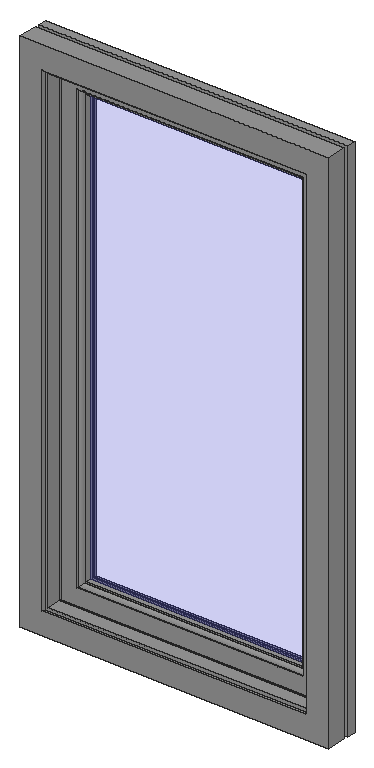
Revit family "MC1 RH", category Windows, host Wall, Revit 2015
Parameters (values of type "MC1 RH")
  Height = 929 mm
  Default Lintel Height = 2100 mm
  Wall Closure = By host
  Width = 542 mm
Reference planes
  plane 1 "Center (Front/Back)": y = 0
  plane 2 "Center (Left/Right)": x = 0
  plane 3 "Left": x = -271
  plane 4 "Right": x = 271
  plane 5 "Sill": z = 1171
  plane 6 "Head": z = 2100
  plane 7 "Exterior": y = 100
  plane 8 "Interior": y = -100
  plane 9: y = -28.5
  plane 10: y = 23.5
Forms (mm)
  Sweep 1, solid, material "Lauan, Meranti"
    path origin (0, 100, 0) x (1, 0, 0) y (0, 0, 1)
      loop
        line (271, 2100) -> (-271, 2100) -> (-271, 1171) -> (271, 1171) -> (271, 2100)
    profile origin (0, 100, 2100) x (0, 0, -1) y (0, -1, 0)
      loop
        line (0, 71.5) -> (29, 71.5) -> (29, 96.5) -> (37.5, 96.5) -> (37.5, 102.5) -> (40.5, 102.5) -> (40.5, 96.5) -> (44, 96.5) -> (44, 122.5) -> (39, 122.5) -> (39, 128.5) -> (0, 128.5) -> (0, 94.5) -> (10, 94.5) -> (10, 86.5) -> (0, 86.5) -> (0, 71.5)
  Sweep 2, solid, material "Rubber"
    path origin (0, 100, 0) x (1, 0, 0) y (0, 0, 1)
      loop
        line (233.5, 2062.5) -> (-233.5, 2062.5) -> (-233.5, 1208.5) -> (233.5, 1208.5) -> (233.5, 2062.5)
    profile origin (0, 100, 2062.5) x (0, 0, -1) y (0, -1, 0)
      loop
        line (1.5, 91.5) -> (6.5, 93.5) -> (6.5, 96.5) -> (2.5, 96.5) -> (2.5, 98.93) -> (3.5, 98.93) -> (2.5, 99.198) -> (2.5, 100.964) -> (3.5, 100.964) -> (1.5, 101.5) -> (-0.5, 100.964) -> (0.5, 100.964) -> (0.5, 99.198) -> (-0.5, 98.93) -> (0.5, 98.93) -> (0.5, 96.5) -> (-3.5, 96.5) -> (-3.5, 93.5) -> (1.5, 91.5)
  Sweep 3, solid, material "Lauan, Meranti"
    path origin (0, 100, 0) x (1, 0, 0) y (0, 0, 1)
      loop
        line (242, 2071) -> (-242, 2071) -> (-242, 1200) -> (242, 1200) -> (242, 2071)
    profile origin (0, 100, 2071) x (0, 0, -1) y (0, -1, 0)
      loop
        arc (-5, 57.5) -> (-3.242, 53.257) -> (1, 51.5) r 6
        line (1, 51.5) -> (43, 51.5) -> (43, 76.5) -> (52, 76.5) -> (52, 84.5) -> (49, 84.5)
        arc (49, 84.5) -> (47.243, 88.743) -> (43, 90.5) r 6
        line (43, 90.5) -> (43, 93.5) -> (10, 93.5) -> (10, 89.5) -> (12, 89.5) -> (12, 84.5) -> (14, 83.964) -> (14, 79.036) -> (12, 78.5) -> (12, 71.5) -> (-5, 71.5) -> (-5, 57.5)
  Sweep 4, solid, material "Lauan, Meranti"
    path origin (0, 100, 0) x (1, 0, 0) y (0, 0, 1)
      loop
        line (198.986, 2027.989) -> (-198.986, 2027.989) -> (-198.986, 1243.011) -> (198.986, 1243.011) -> (198.986, 2027.989)
    profile origin (0, 100, 2027.989) x (0, 0, -1) y (0, -1, 0)
      loop
        arc (0, 62.1) -> (4.67, 63.734) -> (7, 68.1) r 6.807
        line (7, 68.1) -> (9, 68.1) -> (9, 70.1) -> (0, 70.1) -> (0, 62.1)
  Extrusion 5, solid, material "Glass"
    sketch origin (-10500, 23.5, 2100) x (0, 0, -1) y (-1, 0, 0)
      loop
        line (72.022, -10698.976) -> (856.978, -10698.976) -> (856.978, -10301.024) -> (72.022, -10301.024) -> (72.022, -10698.976)
    from 0 to 6.4
Lines and regions (mm)
  Opening 1
    outline origin (3500, -100, 0) x (1, 0, 0) y (0, 0, 1)
      loop
        line (-3229, 1171) -> (-3229, 2100) -> (-3771, 2100) -> (-3771, 1171) -> (-3229, 1171)
  model lines
    curve 1: line (-247, 48.5, 2076) -> (247, 48.5, 1635.5)
    curve 2: line (247, 48.5, 1635.5) -> (-247, 48.5, 1195)
Text (mm)
  text "EXTERIOR" at (-1963.203, 1332.353, 0), in view "Ref. Level"
  text "INTERIOR" at (-1981.466, -818.386, 0), in view "Ref. Level"
  text "Exterior" at (0, 923.751, 2943.296), in view "Right"
  text "Exterior" at (0, 1040.484, 2685.409), in view "Left"
Dimensions and locks
  equal spacing: plane 3 "Left", plane 2 "Center (Left/Right)", plane 4 "Right"
  "Width": plane 3 "Left" to plane 4 "Right"
  "Height": plane 5 "Sill" to plane 6 "Head"
  "Default Lintel Height": plane 6 "Head" to level
  locked: plane 7 "Exterior" to host wall at 0
  locked: plane 8 "Interior" to host wall
  locked: plane 10 to plane 9 at 52
  aligned and locked: Sweep 1 sketch curve to host wall  (x4)
  aligned and locked: Sweep 2 sketch curve to Sweep 1  (x4)
  aligned and locked: Sweep 3 sketch curve to Sweep 1  (x4)
  aligned and locked: Sweep 4 sketch curve to Sweep 3  (x2)
  aligned and locked: Extrusion 5 sketch curve to Sweep 4  (x4)
Automatic sketch dimensions
  plane 3 "Left" to Opening 1 sketch curve = 0 mm
  plane 4 "Right" to Opening 1 sketch curve = 0 mm
  Opening 1 sketch curve to plane 5 "Sill" = 0 mm
  Opening 1 sketch curve to plane 6 "Head" = 0 mm
  Sweep 1 sketch curve to profile plane = 0 mm  (x2)
  Sweep 1 sketch curve to profile plane = 10 mm
  Sweep 1 sketch curve to Sweep 1 sketch curve = 19 mm
  Sweep 1 sketch curve to Sweep 1 sketch curve = 8.5 mm
  Sweep 1 sketch curve to Sweep 1 sketch curve = 1.5 mm
  Sweep 1 sketch curve to Sweep 1 sketch curve = 3 mm
  Sweep 1 sketch curve to Sweep 1 sketch curve = 3.5 mm
  plane 7 "Exterior" to Sweep 1 sketch curve = 71.5 mm
  Sweep 1 sketch curve to Sweep 1 sketch curve = 15 mm
  Sweep 1 sketch curve to Sweep 1 sketch curve = 8 mm
  Sweep 1 sketch curve to Sweep 1 sketch curve = 25 mm
  Sweep 1 sketch curve to Sweep 1 sketch curve = 0 mm
  Sweep 1 sketch curve to Sweep 1 sketch curve = 6 mm
  Sweep 1 sketch curve to Sweep 1 sketch curve = 20 mm
  Sweep 1 sketch curve to Sweep 1 sketch curve = 34 mm
  profile plane to Sweep 2 sketch curve = 3.5 mm
  profile plane to Sweep 2 sketch curve = 0.5 mm  (x2)
  Sweep 2 sketch curve to profile plane = 0.5 mm
  Sweep 2 sketch curve to Sweep 2 sketch curve = 0 mm  (x2)
  Sweep 2 sketch curve to profile plane = 1.5 mm
  Sweep 2 sketch curve to Sweep 2 sketch curve = 1 mm  (x4)
  Sweep 2 sketch curve to Sweep 2 sketch curve = 2 mm  (x3)
  Sweep 2 sketch curve to Sweep 2 sketch curve = 4 mm
  plane 7 "Exterior" to Sweep 2 sketch curve = 91.5 mm
  Sweep 2 sketch curve to Sweep 2 sketch curve = 3 mm  (x2)
  Sweep 2 sketch curve to Sweep 2 sketch curve = 2.43 mm
  Sweep 2 sketch curve to Sweep 2 sketch curve = 0.268 mm  (x2)
  Sweep 2 sketch curve to Sweep 2 sketch curve = 1.766 mm  (x2)
  Sweep 2 sketch curve to Sweep 2 sketch curve = 0.536 mm
  profile plane to Sweep 3 sketch curve = 5 mm
  Sweep 3 sketch curve to profile plane = 1 mm
  Sweep 3 sketch curve to profile plane = 10 mm
  Sweep 3 sketch curve to Sweep 3 sketch curve = 2 mm  (x2)
  Sweep 3 sketch curve to profile plane = 12 mm
  Sweep 3 sketch curve to Sweep 3 sketch curve = 31 mm
  Sweep 3 sketch curve to Sweep 3 sketch curve = 0 mm
  Sweep 3 sketch curve to Sweep 3 sketch curve = 6 mm
  Sweep 3 sketch curve to Sweep 3 sketch curve = 3 mm  (x2)
  plane 7 "Exterior" to Sweep 3 sketch curve = 51.5 mm
  Sweep 3 sketch curve to Sweep 3 sketch curve = 14 mm
  Sweep 3 sketch curve to Sweep 3 sketch curve = 25 mm
  Sweep 3 sketch curve to Sweep 3 sketch curve = 7 mm
  Sweep 3 sketch curve to Sweep 3 sketch curve = 0.536 mm  (x2)
  Sweep 3 sketch curve to Sweep 3 sketch curve = 4.928 mm
  Sweep 3 sketch curve to Sweep 3 sketch curve = 8 mm
  Sweep 3 sketch curve to Sweep 3 sketch curve = 5 mm
  Sweep 4 sketch curve to profile plane = 0 mm
  Sweep 4 sketch curve to profile plane = 0.241 mm
  Sweep 4 sketch curve to Sweep 4 sketch curve = 6.759 mm
  Sweep 4 sketch curve to Sweep 4 sketch curve = 2 mm  (x2)
  plane 7 "Exterior" to Sweep 4 sketch curve = 62.1 mm
  Sweep 4 sketch curve to Sweep 4 sketch curve = 6 mm
  plane 4 "Right" to curve 2 = 24 mm
  curve 2 to plane 5 "Sill" = 464.5 mm
  curve 1 to plane 3 "Left" = 24 mm
  curve 2 to plane 3 "Left" = 24 mm
  curve 2 to plane 5 "Sill" = 24 mm
  plane 6 "Head" to curve 1 = 24 mm
  plane 4 "Right" to Sweep 4 sketch curve = 72.014 mm
  plane 6 "Head" to Sweep 4 sketch curve = 72.011 mm
